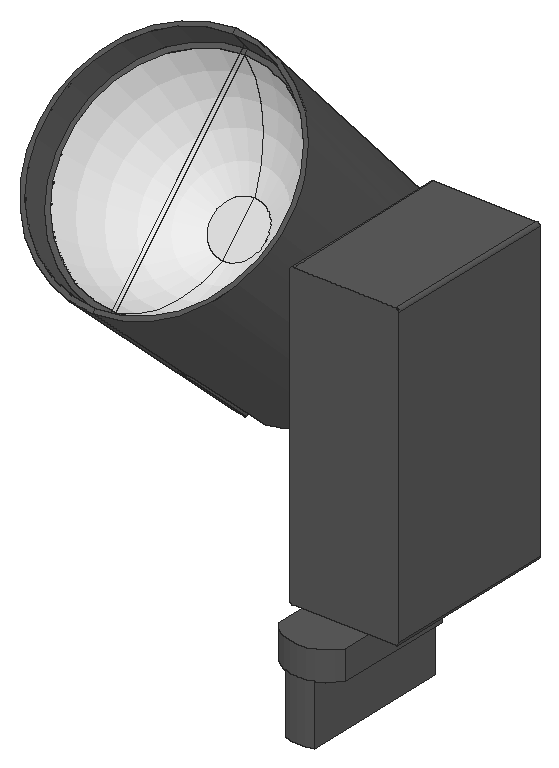
Revit family "0004890 Feilo Sylvania Lighting Fixture START TRACK SPOT L 35W 3K RA90 MB BLACK", category Lighting Fixtures, host Face, Revit 2017 (continued)
Definition of nested family "Start Track Spot Head"
  Types (96, lengths in mm): name | Wattage | built-in parameter 1150134 | Photometric Web File | Model | built-in parameter 1150105 | Lumens | built-in parameter 1150107 | built-in parameter 1150106 | HeadThickness_FEILO | HeadRibOffset_FEILO | HeadRibDepth_FEILO | HeadRibCutWidth_FEILO | HeadRibCutOffset_FEILO | HeadReflectorRadius_FEILO | HeadReflectorOffset_FEILO | HeadLEDRadius_FEILO | HeadHeight_FEILO | HeadDiffusorOffset_FEILO | HeadDiaOut_FEILO | HeadDiaIn_FEILO | HeadAxisFromTop_FEILO | Emit from Circle Diameter | built-in parameter 1150104 | Description | Apparent Load
    0004812 START TRACK SPOT S 14W 3K RA80 MB WHITE | 14 W | (empty or 0) | "0004812.ies" | "START TRACK SPOT S 14W 3K RA80 MB WHITE" | 120.32 (stored number, unit not read) | 1512 lm | 3000 (stored number, unit not read) | 1.2032 (stored number, unit not read) | 1.5 | 4.179 | 55.714 | 7.167 | 50.87 | 50.588 | 55.714 | 9.556 | 117 | 9.435 | 86 | 77.477 | 69.354 | 77.477 | 10.034 (stored number, unit not read) | "Integrated LED spotlight, Textured White - RAL9016, compact and minimalist design, ideal for retail applications, die-cast aluminium body, passive cooling heatsink. Beam angle: 36°, color temperature: 3000K , total system power: 14W, total fixture output: 1508 lm, LOR: 100%, colour rendering: Ra: 80 typical, LED Chromaticity: 3 step MacAdam ellipse, lifetime: >50000 hours at L70B50, energy class: A++, A+, A, IR/UV free light source without heat radiation, operating voltage: 220-240V / 50-60Hz, drive current: 350mA, electronic driver, non-dimmable, power factor: 0.92, electrical protection: Class II, Global Track 3 Phase adapter suitable for Global trac 3-circuit tracks, ingress protection rating: IP20, suitable for internal environment only, horizontal rotation: 355°, vertical tilt: 90°, dimensions: Ø86x140x200, weight: 0.940kg." | 14 VA
    0004811 START TRACK SPOT S 14W 3K RA80 NB WHITE | 14 W | (empty or 0) | "0004811.ies" | "START TRACK SPOT S 14W 3K RA80 NB WHITE" | 123.66 (stored number, unit not read) | 1554 lm | 3000 (stored number, unit not read) | 1.2366 (stored number, unit not read) | 1.5 | 4.179 | 55.714 | 7.167 | 50.87 | 50.588 | 55.714 | 9.556 | 117 | 9.435 | 86 | 77.477 | 69.354 | 77.477 | 10.312 (stored number, unit not read) | "Integrated LED spotlight, Textured White - RAL9016, compact and minimalist design, ideal for retail applications, die-cast aluminium body, passive cooling heatsink. Beam angle: 12°, color temperature: 3000K , total system power: 14W, total fixture output: 1551 lm, LOR: 100%, colour rendering: Ra: 80 typical, LED Chromaticity: 3 step MacAdam ellipse, lifetime: >50000 hours at L70B50, energy class: A++, A+, A, IR/UV free light source without heat radiation, operating voltage: 220-240V / 50-60Hz, drive current: 350mA, electronic driver, non-dimmable, power factor: 0.92, electrical protection: Class II, Global Track 3 Phase adapter suitable for Global trac 3-circuit tracks, ingress protection rating: IP20, suitable for internal environment only, horizontal rotation: 355°, vertical tilt: 90°, dimensions: Ø86x140x200, weight: 0.940kg." | 14 VA
  Reference planes
    plane 1 "Center (Front/Back)": y = 0
    plane 2: z = 0
    plane 3 "Center (Left/Right)": x = 0
    plane 4: x = 43
    plane 5: x = -43
    plane 6: x = -38.739
    plane 7: x = 38.739
    plane 8: z = 69.354
    plane 9: z = -47.646
    plane 10: x = -41.5
    plane 11: x = -37.239
    plane 12: z = -38.211
    plane 13: z = -35.211
    plane 14: z = 8.068
    plane 15: x = -9.556
    plane 16: x = -28.667
    plane 17: x = -19.111
    plane 18: x = -27.167
    plane 19: x = -17.611
    plane 20: x = -8.056
    plane 21: z = 13.64
    plane 22: x = -29.667
    plane 23: x = -26.167
    plane 24: x = -20.111
    plane 25: x = -16.611
    plane 26: x = -10.556
    plane 27: x = -7.056
    plane 28: x = -36.239
    plane 29: x = -40.5
    plane 30: z = 65.175
    plane 31: z = 60.997
    plane 32: z = 56.818
    plane 33: z = 18.484
    plane 34: y = -43
    plane 35: y = 43
    plane 36: y = 3.583
    plane 37: y = -3.583
    plane 38: y = -2.583
    plane 39: y = 2.583
    plane 40: y = 46
    plane 41: z = 13.5
    plane 42: z = -13.5
    plane 43: y = 39
    plane 44: x = 4.708
    plane 45: x = -2.458
    plane 46: x = -1.458
    plane 47: x = 1.458
  Forms (mm)
    Extrusion 1, solid
      sketch origin (4.2, 0, 0) x (1, 0, 0) y (0, 1, 0)
        loop
          line (-1219.2, 1219.2) -> (-1219.2, -1219.2) -> (1219.2, -1219.2) -> (1219.2, 1219.2) -> (-1219.2, 1219.2)
      from 0 to -68.017
    Revolve 2, solid, material <- "Material_1_FEILO", detail levels medium+fine
      sketch origin (0, 0, 0) x (1, 0, 0) y (0, 0, 1)
        loop
          line (-43, -47.646) -> (-41.5, -47.646) -> (-40.5, -35.211) -> (-38.739, -35.211)
          arc (-38.739, -35.211) -> (-30.16, -9.517) -> (-9.556, 8.068) r 50.588
          line (-9.556, 8.068) -> (0, 8.068) -> (0, 13.64) -> (-16.611, 13.64) -> (-17.611, 60.997) -> (-19.111, 60.997) -> (-20.111, 13.64) -> (-36.239, 13.64) -> (-37.239, 69.354) -> (-38.739, 69.354) -> (-43, -47.646)
        axis (0, 69.354) -> (0, -47.646)
      angle from 360 to 0
    Extrusion 3, void
      sketch origin (0, 0, 0) x (0, 1, 0) y (0, 0, 1)
        loop
          line (-3.583, 69.354) -> (-2.583, 18.484) -> (1.932, 18.484) -> (2.932, 69.354) -> (-3.583, 69.354)
      from 43 to -43
    Revolve 4, solid, material <- "Material_2_FEILO", detail levels medium+fine
      sketch origin (0, 0, 0) x (1, 0, 0) y (0, 0, 1)
        loop
          line (-41.5, -38.211) -> (0, -38.211) -> (0, -35.211) -> (-41.5, -35.211) -> (-41.5, -38.211)
        axis (0, -35.211) -> (0, -38.211)
      angle from 360 to 0
    Revolve 5, solid, material <- "Material_1_FEILO"
      sketch origin (0, 0, 0) x (0, 1, 0) y (0, 0, 1)
        loop
          line (46, 0) -> (39, 0) -> (39, -13.5) -> (46, -13.5) -> (46, 0)
        axis (39, 0) -> (46, 0)
      angle from 360 to 0
    Revolve 6, solid, material <- "Material_1_FEILO", detail levels medium+fine
      sketch origin (0, 0, 0) x (1, 0, 0) y (0, 0, 1)
        loop
          line (-29.667, 13.64) -> (-26.167, 13.64) -> (-27.167, 65.175) -> (-28.667, 65.175) -> (-29.667, 13.64)
        loop
          line (-10.556, 13.64) -> (-7.056, 13.64) -> (-7.833, 56.818) -> (-9.778, 56.818) -> (-10.556, 13.64)
        axis (0, 65.175) -> (0, 13.64)
      angle from 360 to 0
    Extrusion 7, void
      sketch origin (0, 0, 0) x (1, 0, 0) y (0, 0, 1)
        loop
          line (4.708, 69.354) -> (-2.458, 69.354) -> (-1.458, 13.64) -> (1.458, 13.64) -> (4.708, 69.354)
      from -43 to 43
    Revolve 8, solid, material <- "Material_1_FEILO", detail levels coarse
      sketch origin (0, 0, 0) x (1, 0, 0) y (0, 0, 1)
        loop
          line (0, 69.354) -> (-38.739, 69.354) -> (-43, -47.646) -> (-41.5, -47.646) -> (-40.731, -38.211) -> (0, -38.211) -> (0, 69.354)
        axis (0, 69.354) -> (0, -47.646)
      angle from 360 to 0
  Cuts and joins
    Extrusion 3 cuts Revolve 2
    Extrusion 7 cuts Revolve 6
  Dimensions and locks
    equal spacing: plane 7, plane 3 "Center (Left/Right)", plane 6
    equal spacing: plane 4, plane 3 "Center (Left/Right)", plane 5
    "HeadDiaOut_FEILO": plane 4 to plane 5
    "HeadDiaIn_FEILO": plane 7 to plane 6
    "HeadHeight_FEILO": plane 8 to plane 9
    "HeadThickness_FEILO": plane 10 to plane 5
    "HeadThickness_FEILO": plane 11 to plane 6
    "HeadDiffusorOffset_FEILO": plane 12 to plane 9
    "HeadDiffusorThickness_FEILO": plane 13 to plane 12
    "HeadReflectorOffset_FEILO": plane 14 to plane 9
    "HeadLEDRadius_FEILO": plane 3 "Center (Left/Right)" to plane 15
    "HeadLEDRadius_FEILO": plane 15 to plane 17
    "HeadLEDRadius_FEILO": plane 17 to plane 16
    "HeadThickness_FEILO": plane 18 to plane 16
    "HeadThickness_FEILO": plane 19 to plane 17
    "HeadThickness_FEILO": plane 20 to plane 15
    "HeadRibDepth_FEILO": plane 8 to plane 21
    "HeadDraft_FEILO": plane 16 to plane 22
    "HeadDraft_FEILO": plane 23 to plane 18
    "HeadDraft_FEILO": plane 17 to plane 24
    "HeadDraft_FEILO": plane 25 to plane 19
    "HeadDraft_FEILO": plane 15 to plane 26
    "HeadDraft_FEILO": plane 27 to plane 20
    "HeadDraft_FEILO": plane 29 to plane 10
    "HeadDraft_FEILO": plane 28 to plane 11
    "HeadRibOffset_FEILO": plane 8 to plane 30
    "HeadRibOffset_FEILO": plane 30 to plane 31
    "HeadRibOffset_FEILO": plane 31 to plane 32
    "HeadAxisFromTop_FEILO": plane 8 to plane 2
    "HeadRibCutOffset_FEILO": plane 8 to plane 33
    equal spacing: plane 34, plane 1 "Center (Front/Back)", plane 35
    "HeadDiaOut_FEILO": plane 34 to plane 35
    equal spacing: plane 38, plane 1 "Center (Front/Back)", plane 39
    equal spacing: plane 37, plane 1 "Center (Front/Back)", plane 36
    "HeadRibCutWidth_FEILO": plane 37 to plane 36
    "HeadDraft_FEILO": plane 37 to plane 38
    locked: plane 35 to plane 40 at 3
    equal spacing: plane 41, plane 2, plane 42
    locked: plane 42 to plane 41 at 27
    locked: plane 43 to plane 35 at 4
    equal spacing: plane 45, imposter light, plane 44
    "HeadDraft_FEILO": plane 46 to plane 45
    "HeadRibCutWidth_FEILO": plane 44 to plane 45
    equal spacing: plane 47, plane 3 "Center (Left/Right)", plane 46
    "HeadReflectorRadius_FEILO": radius of Revolve 2 sketch curve
    aligned and locked: plane 2 to Extrusion 1
    aligned and locked: level to Extrusion 1
    aligned and locked: Revolve 2 sketch curve to plane 3 "Center (Left/Right)"  (x2)
    aligned and locked: plane 9 to Revolve 2 sketch curve  (x2)
    aligned and locked: plane 5 to Revolve 2 sketch curve
    aligned and locked: plane 10 to Revolve 2 sketch curve
    aligned and locked: plane 14 to Revolve 2 sketch curve
    aligned and locked: plane 8 to Revolve 2 sketch curve
    aligned and locked: Revolve 2 sketch curve to plane 13
    aligned and locked: plane 12 to Revolve 4 sketch curve
    aligned and locked: plane 3 "Center (Left/Right)" to Revolve 4 sketch curve
    aligned and locked: Revolve 4 sketch curve to plane 10
    aligned and locked: Revolve 4 sketch curve to plane 3 "Center (Left/Right)"
    aligned and locked: plane 12 to imposter light
    aligned and locked: imposter light to plane 1 "Center (Front/Back)"
    aligned and locked: Revolve 5 sketch curve to plane 2
    aligned and locked: plane 43 to Revolve 5 sketch curve
    aligned and locked: plane 42 to Revolve 5 sketch curve
    aligned and locked: Revolve 6 sketch curve to plane 3 "Center (Left/Right)"
    aligned and locked: plane 22 to Revolve 6 sketch curve
    aligned and locked: plane 30 to Revolve 6 sketch curve
    aligned and locked: plane 23 to Revolve 6 sketch curve
    aligned and locked: Revolve 6 sketch curve to plane 21  (x2)
    aligned and locked: plane 21 to Revolve 6 sketch curve
    aligned and locked: plane 17 to Revolve 2 sketch curve
    aligned and locked: plane 19 to Revolve 2 sketch curve
    aligned and locked: plane 31 to Revolve 2 sketch curve
    aligned and locked: plane 21 to Revolve 2 sketch curve
    aligned and locked: Extrusion 3 to plane 8
    aligned and locked: plane 33 to Extrusion 3
    aligned and locked: plane 8 to Extrusion 3 sketch curve
    aligned and locked: Extrusion 3 sketch curve to plane 33
    aligned and locked: Extrusion 3 to plane 5
    aligned and locked: plane 4 to Extrusion 3
    aligned and locked: plane 32 to Revolve 6 sketch curve
    aligned and locked: plane 44 to Extrusion 7 sketch curve
    aligned and locked: Extrusion 7 sketch curve to plane 8
    aligned and locked: plane 46 to Extrusion 7 sketch curve
    aligned and locked: plane 21 to Extrusion 7 sketch curve
    aligned and locked: plane 34 to Extrusion 7
    aligned and locked: Extrusion 7 to plane 35
    aligned and locked: Revolve 4 sketch curve to plane 13
    aligned and locked: Revolve 5 sketch curve to plane 40
    aligned and locked: Revolve 8 sketch curve to plane 3 "Center (Left/Right)"
    aligned and locked: Revolve 8 sketch curve to cut or joined group of Revolve 2, Extrusion 3  (x3)
    aligned and locked: plane 5 to Revolve 8 sketch curve
    aligned and locked: plane 3 "Center (Left/Right)" to Revolve 8 sketch curve
    aligned and locked: plane 12 to Revolve 8 sketch curve
  Automatic sketch dimensions
    Extrusion 1 sketch curve to Extrusion 1 sketch curve = 2438.4 mm  (x2)
    Extrusion 3 sketch curve to plane 37 = 0 mm
    Extrusion 3 sketch curve to plane 38 = 0 mm
    plane 39 to Extrusion 3 sketch curve = 0.651 mm
    Extrusion 3 sketch curve to plane 39 = 0.349 mm
    Revolve 6 sketch curve to plane 16 = 0 mm
    Revolve 6 sketch curve to plane 18 = 0 mm
    Revolve 6 sketch curve to plane 26 = 0 mm
    Revolve 6 sketch curve to plane 27 = 0 mm
    Revolve 6 sketch curve to plane 15 = 0.222 mm
    plane 9 to Revolve 6 sketch curve = 559.103 mm
    Revolve 6 sketch curve to plane 8 = 2535.555 mm
    plane 20 to Revolve 6 sketch curve = 0.222 mm
    Revolve 2 sketch curve to plane 29 = 0 mm
    Revolve 2 sketch curve to plane 6 = 0 mm  (x2)
    Revolve 2 sketch curve to plane 11 = 0 mm
    Revolve 2 sketch curve to plane 21 = 0 mm
    Revolve 2 sketch curve to plane 28 = 0 mm
    Revolve 2 sketch curve to plane 24 = 0 mm
    Revolve 2 sketch curve to plane 25 = 0 mm
    Revolve 2 sketch curve to plane 15 = 0 mm
    Revolve 2 sketch curve to Revolve 2 sketch curve = 557.155 mm
    Revolve 2 sketch curve to plane 8 = 2535.558 mm
    Extrusion 7 sketch curve to plane 45 = 0 mm
    Extrusion 7 sketch curve to plane 47 = 0 mm
    plane 9 to Revolve 4 sketch curve = 559.103 mm
    Revolve 4 sketch curve to plane 8 = 2535.555 mm
    Revolve 5 sketch curve to level = 0 mm
    plane 34 to Revolve 5 sketch curve = 1968.092 mm
    Revolve 5 sketch curve to plane 40 = 1405.763 mm
    Revolve 8 sketch curve to plane 6 = 0 mm
    Revolve 8 sketch curve to plane 29 = 0.231 mm
    plane 9 to Revolve 8 sketch curve = 559.103 mm
    Revolve 8 sketch curve to Revolve 8 sketch curve = 2535.555 mm
Definition of nested family "Start Track Spot Box"
  Parameters (values of type "Type Large White")
    URL = "http://www.feilosylvania.com"
    Type Image = (empty or 0)
    Type Comments = "n/a"
    Small_FEILO = no
    Material_3_FEILO = none
    Model = ""
    Manufacturer = "Feilo Sylvania"
    Keynote = ""
    Material_2_FEILO = none
    Description = ""
    Default Elevation = 1219.2 mm
    Cost = 0
    Material_1_FEILO = none
    BoxWidth_FEILO = 49 mm
    BoxStartAngle_FEILO [instance] = 0.00°
    BoxRadius_FEILO = 1.5 mm
    BoxHeight_FEILO = if(Small_FEILO, 112 mm, 136 mm)  # 136 mm
    BoxEndAngle_FEILO [instance] = BoxStartAngle_FEILO - 180.00°  # -180.00°
    BoxDepth_FEILO = if(Small_FEILO, 71.5 mm, 79 mm)  # 79 mm
    BoxAxisVerticalOffset_FEILO = 16 mm
    BoxAxisOffset_FEILO = BoxHeight_FEILO / 6.8  # 20 mm
    Assembly Code = ""
    Material_4_FEILO = none
  Types (4, lengths in mm): name | Small_FEILO | BoxHeight_FEILO | BoxDepth_FEILO | BoxAxisOffset_FEILO
    Type Large White | no | 136 | 79 | 20
    Type Small White | yes | 112 | 71.5 | 16.471
    Type Small Black | yes | 112 | 71.5 | 16.471
    Type Large Black | no | 136 | 79 | 20
  Reference planes
    plane 1 "Center (Front/Back)": y = 0
    plane 2: z = 0
    plane 3 "Center (Left/Right)": x = 0
    plane 4: x = 24.5
    plane 5: x = -24.5
    plane 6: y = 68
    plane 7: y = -68
    plane 8: z = 39.5
    plane 9: z = -39.5
    plane 10: y = -48
    plane 11: x = 30.5
    plane 12: x = 8.5
    plane 13: x = 21.5
    plane 14: y = 70
    plane 15: y = 72
    plane 16: x = 19.5
  Forms (mm)
    Extrusion 1, solid
      sketch origin (4.2, 0, 0) x (1, 0, 0) y (0, 1, 0)
        loop
          line (-1219.2, 1219.2) -> (-1219.2, -1219.2) -> (1219.2, -1219.2) -> (1219.2, 1219.2) -> (-1219.2, 1219.2)
      from 0 to -68.017
    Extrusion 2, solid, material <- "Material_1_FEILO"
      sketch origin (0, 0, 0) x (1, 0, 0) y (0, 1, 0)
        loop
          arc (-23, 68) -> (-24.061, 67.561) -> (-24.5, 66.5) r 1.5
          line (-24.5, 66.5) -> (-24.5, -66.5)
          arc (-24.5, -66.5) -> (-24.061, -67.561) -> (-23, -68) r 1.5
          line (-23, -68) -> (23, -68)
          arc (23, -68) -> (24.061, -67.561) -> (24.5, -66.5) r 1.5
          line (24.5, -66.5) -> (24.5, 66.5)
          arc (24.5, 66.5) -> (24.061, 67.561) -> (23, 68) r 1.5
          line (23, 68) -> (-23, 68)
      from -39.5 to 39.5
    Revolve 3, solid, not visible
      sketch origin (0, 0, 0) x (1, 0, 0) y (0, 1, 0)
        loop
          line (30.5, -48) -> (24.5, -48) -> (24.5, -68) -> (30.5, -68) -> (30.5, -48)
        axis (30.5, -48) -> (24.5, -48)
      angle from 0 <- "BoxStartAngle_FEILO" to -180 <- "BoxEndAngle_FEILO"
    Revolve 4, solid, material <- "Material_2_FEILO"
      sketch origin (0, 0, 0) x (1, 0, 0) y (0, 1, 0)
        loop
          line (8.5, 68) -> (19.5, 68) -> (19.5, 70) -> (21.5, 70) -> (21.5, 72) -> (8.5, 72) -> (8.5, 68)
        axis (8.5, 72) -> (8.5, 68)
      angle from 360 to 0
  Dimensions and locks
    equal spacing: plane 5, plane 3 "Center (Left/Right)", plane 4
    "BoxWidth_FEILO": plane 5 to plane 4
    equal spacing: plane 7, plane 1 "Center (Front/Back)", plane 6
    "BoxHeight_FEILO": plane 7 to plane 6
    equal spacing: plane 8, plane 2, plane 9
    "BoxDepth_FEILO": plane 8 to plane 9
    "BoxAxisOffset_FEILO": plane 7 to plane 10
    locked: plane 4 to plane 11 at 6
    "BoxAxisVerticalOffset_FEILO": plane 12 to plane 4
    locked: plane 12 to plane 13 at 13
    plane 6 to plane 14 to plane 15 = 2 mm locked, 2 mm locked
    locked: plane 12 to plane 16 at 11
    "BoxRadius_FEILO": radius of Extrusion 2 sketch curve  (x4)
    aligned and locked: plane 2 to Extrusion 1
    aligned and locked: level to Extrusion 1
    aligned and locked: plane 6 to Extrusion 2 sketch curve
    aligned and locked: plane 5 to Extrusion 2 sketch curve
    aligned and locked: Extrusion 2 sketch curve to plane 7
    aligned and locked: Extrusion 2 sketch curve to plane 4
    aligned and locked: Extrusion 2 to plane 8
    aligned and locked: plane 9 to Extrusion 2
    aligned and locked: Revolve 3 sketch curve to plane 10  (x2)
    aligned and locked: plane 11 to Revolve 3 sketch curve
    aligned and locked: Revolve 3 sketch curve to plane 4
    aligned and locked: plane 7 to Revolve 3 sketch curve
    aligned and locked: Revolve 4 sketch curve to plane 12
    aligned and locked: plane 6 to Revolve 4 sketch curve
    aligned and locked: plane 12 to Revolve 4 sketch curve
    aligned and locked: plane 15 to Revolve 4 sketch curve
    aligned and locked: Revolve 4 sketch curve to plane 13
    aligned and locked: Revolve 4 sketch curve to plane 14
    aligned and locked: Revolve 4 sketch curve to plane 16
    aligned and locked: Revolve 4 sketch curve to plane 6
  Automatic sketch dimensions
    Extrusion 1 sketch curve to Extrusion 1 sketch curve = 2438.4 mm  (x2)
    Revolve 3 sketch curve to plane 5 = 1499.5 mm
    plane 11 to Revolve 3 sketch curve = 1493.5 mm
    plane 15 to Revolve 4 sketch curve = 0 mm
    plane 7 to Revolve 4 sketch curve = 1456 mm
    Revolve 4 sketch curve to plane 15 = 1452 mm
